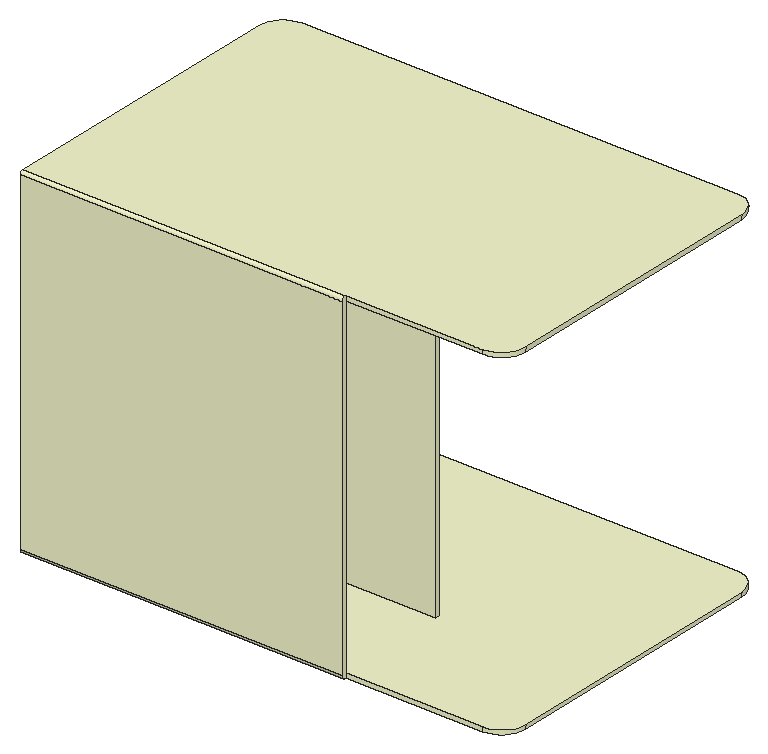
Revit family "Family Lounge side table-LivingDivani", category Furniture, Revit 2013
Parameters
  URL = "http://www.livingdivani.it"
  Model = "Family Lounge"
  Mat. Tessuto = Linen, Beige
  Manufacturer = "LivingDivani"
  Codice prodotto = "FAL060B"
Reference planes (cm)
  plane 1 "Centro (Fronte/Retro)": y = 0
  plane 2: z = 0
  plane 3 "Centro (Sinistra/Destra)": x = 0
  plane 4: z = 42.4
Forms (cm)
  Extrusion 1, solid, material "Linen, Beige" <- "Mat. Tessuto"
    sketch origin (0, 0, 0) x (1, 0, 0) y (0, 1, 0)
      loop
        arc (-27, 20.3507) -> (-29.1213, 19.4721) -> (-30, 17.3507) r 3
        line (-30, 17.3507) -> (-30, -19.1493) -> (27, -19.1493)
        arc (27, -19.1493) -> (29.1213, -18.2706) -> (30, -16.1493) r 3
        line (30, -16.1493) -> (30, 17.3507)
        arc (30, 17.3507) -> (29.1213, 19.4721) -> (27, 20.3507) r 3
        line (27, 20.3507) -> (-27, 20.3507)
    from 0.4 to 0.9
  Extrusion 2, solid, material "Linen, Beige" <- "Mat. Tessuto"
    sketch origin (-26, -153.5936, 42.4) x (-1, 0, 0) y (0, -1, 0)
      loop
        arc (1, -173.9444) -> (3.1213, -173.0657) -> (4, -170.9444) r 3
        line (4, -170.9444) -> (4, -134.4444) -> (-53, -134.4444)
        arc (-53, -134.4444) -> (-55.1213, -135.323) -> (-56, -137.4444) r 3
        line (-56, -137.4444) -> (-56, -170.9444)
        arc (-56, -170.9444) -> (-55.1213, -173.0657) -> (-53, -173.9444) r 3
        line (-53, -173.9444) -> (1, -173.9444)
    from 0 to 0.5
  Extrusion 3, solid, material "Linen, Beige" <- "Mat. Tessuto"
    sketch origin (0, 1.2015, 0) x (0, -1, 0) y (0, 0, -1)
      loop
        arc (20.8507, -0.8) -> (20.7336, -0.5172) -> (20.4507, -0.4) r 0.4
        line (20.4507, -0.4) -> (20.3507, -0.4) -> (20.3507, -0.9) -> (20.3507, -42.9) -> (20.4507, -42.9)
        arc (20.4507, -42.9) -> (20.7336, -42.7828) -> (20.8507, -42.5) r 0.4
        line (20.8507, -42.5) -> (20.8507, -0.8)
    from -30 to 10
  Extrusion 4, solid, material "Linen, Beige" <- "Mat. Tessuto"
    sketch origin (0, -11, 0) x (0, 1, 0) y (0, 0, 1)
      loop
        line (5.8507, 42.4) -> (5.8507, 0.9) -> (6.3507, 0.9) -> (6.3507, 42.4) -> (5.8507, 42.4)
    from -30 to 10
  Extrusion 5, solid, material "Linen, Beige" <- "Mat. Tessuto"
    sketch origin (0, 0, 0) x (1, 0, 0) y (0, 0, 1)
      loop
        line (25, 0) -> (25, 0.4) -> (20, 0.4) -> (20, 0) -> (25, 0)
      loop
        line (-20, 0) -> (-20, 0.4) -> (-25, 0.4) -> (-25, 0) -> (-20, 0)
    from -15.3507 to 14.6493
Cuts and joins
  joined: Extrusion 1, Extrusion 2, Extrusion 3
Dimensions and locks (cm)
  plane 4 to plane 2 = 42.4 cm
  aligned and locked: level to plane 2
